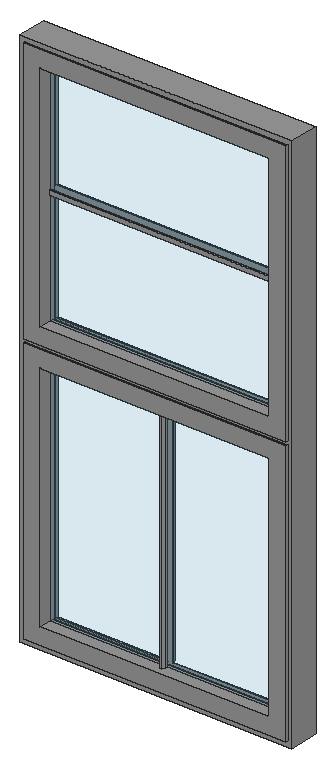
Revit family "Kawneer_Window_GT70s_Pos0081", category Windows, host Wall, Revit 2020 (continued)
Definition of nested family "Kawneer_GT70s_Pos008"
  Definition of nested family "Kawneer_GT70s_Trans8"
    Lines and regions (mm)
      model lines, in view "Ref. Level", detail levels fine
        curve 743: arc (-45.4, -56.6, 0) -> (-45.341, -56.741, 0) -> (-45.2, -56.8, 0) r 0.2
        curve 744: arc (-44.897, -54.429, 0) -> (-45.114, -53.72, 0) -> (-45.645, -53.201, 0) r 1.5
        curve 745: arc (-46.95, -51.87, 0) -> (-46.816, -52.37, 0) -> (-46.45, -52.736, 0) r 1
        curve 746: arc (-46.45, -25.864, 0) -> (-46.816, -26.23, 0) -> (-46.95, -26.73, 0) r 1
        curve 747: arc (-45.645, -25.399, 0) -> (-45.114, -24.88, 0) -> (-44.897, -24.171, 0) r 1.5
        curve 748: arc (-45.2, -21.8, 0) -> (-45.341, -21.859, 0) -> (-45.4, -22, 0) r 0.2
        curve 749: arc (-44.12, -22.25, 0) -> (-44.12, -21.95, 0) -> (-44.379, -21.8, 0) r 0.3
        curve 750: arc (-44.12, -22.25, 0) -> (-43.6, -23.15, 0) -> (-43.08, -22.25, 0) r 0.6
        curve 751: arc (-42.821, -21.8, 0) -> (-43.08, -21.95, 0) -> (-43.08, -22.25, 0) r 0.3
        curve 752: arc (-41.6, -21.9, 0) -> (-41.66, -21.813, 0) -> (-41.764, -21.803, 0) r 0.124
        curve 753: arc (-42.452, -24.026, 0) -> (-42.502, -24.144, 0) -> (-42.519, -24.271, 0) r 0.5
        curve 754: arc (-43.221, -26.665, 0) -> (-42.672, -25.773, 0) -> (-42.519, -24.737, 0) r 2.599
        curve 755: arc (-44.605, -28.315, 0) -> (-45.095, -29.143, 0) -> (-45.303, -30.083, 0) r 3.049
        curve 756: arc (-45.303, -30.083, 0) -> (-45.455, -33.587, 0) -> (-45.536, -37.094, 0) r 172.05
        curve 757: arc (-45.536, -37.094, 0) -> (-45.392, -37.451, 0) -> (-45.036, -37.6, 0) r 0.5
        curve 758: arc (-36.15, -38.2, 0) -> (-36.326, -37.776, 0) -> (-36.75, -37.6, 0) r 0.6
        curve 759: arc (-36.75, -38.8, 0) -> (-36.326, -38.624, 0) -> (-36.15, -38.2, 0) r 0.6
        curve 760: arc (-45.05, -38.8, 0) -> (-45.404, -38.946, 0) -> (-45.55, -39.3, 0) r 0.5
        curve 761: arc (-26.847, -46.799, 0) -> (-25.787, -46.359, 0) -> (-25.347, -45.299, 0) r 1.5
        curve 762: arc (-25.347, -38.899, 0) -> (-25.64, -38.192, 0) -> (-26.347, -37.899, 0) r 1
        curve 763: arc (-29.918, -37.899, 0) -> (-30.372, -38.008, 0) -> (-30.727, -38.311, 0) r 1
        curve 764: arc (-31.856, -39.866, 0) -> (-31.998, -40.145, 0) -> (-32.047, -40.454, 0) r 1
        curve 765: arc (-32.047, -45.299, 0) -> (-31.608, -46.359, 0) -> (-30.547, -46.799, 0) r 1.5
        curve 766: arc (-31.03, -36.906, 0) -> (-30.706, -37.123, 0) -> (-30.323, -37.199, 0) r 1
        curve 767: arc (-26.347, -37.199, 0) -> (-25.64, -36.906, 0) -> (-25.347, -36.199, 0) r 1
        curve 768: arc (-25.347, -29.799, 0) -> (-25.787, -28.738, 0) -> (-26.847, -28.299, 0) r 1.5
        curve 769: arc (-30.547, -28.299, 0) -> (-31.608, -28.738, 0) -> (-32.047, -29.799, 0) r 1.5
        curve 770: arc (-32.047, -35.474, 0) -> (-31.971, -35.857, 0) -> (-31.754, -36.182, 0) r 1
        curve 771: arc (-30.347, -47.799, 0) -> (-31.054, -48.092, 0) -> (-31.347, -48.799, 0) r 1
        curve 772: arc (-31.847, -52.736, 0) -> (-31.481, -52.37, 0) -> (-31.347, -51.87, 0) r 1
        curve 773: arc (-32.652, -53.201, 0) -> (-33.183, -53.72, 0) -> (-33.401, -54.429, 0) r 1.5
        curve 774: arc (-33.097, -56.8, 0) -> (-32.956, -56.741, 0) -> (-32.897, -56.6, 0) r 0.2
        curve 775: arc (-34.178, -56.35, 0) -> (-34.178, -56.65, 0) -> (-33.918, -56.8, 0) r 0.3
        curve 776: arc (-34.178, -56.35, 0) -> (-34.697, -55.448, 0) -> (-35.217, -56.35, 0) r 0.601
        curve 777: arc (-35.477, -56.8, 0) -> (-35.217, -56.65, 0) -> (-35.217, -56.35, 0) r 0.3
        curve 778: arc (-36.697, -56.6, 0) -> (-36.639, -56.741, 0) -> (-36.497, -56.8, 0) r 0.2
        curve 779: arc (-35.845, -54.574, 0) -> (-35.796, -54.456, 0) -> (-35.778, -54.33, 0) r 0.5
        curve 780: arc (-35.077, -51.936, 0) -> (-35.598, -52.838, 0) -> (-35.778, -53.863, 0) r 2.996
        curve 781: arc (-33.749, -50.353, 0) -> (-33.228, -49.451, 0) -> (-33.047, -48.425, 0) r 3
        curve 782: arc (-33.047, -41.499, 0) -> (-33.194, -41.145, 0) -> (-33.547, -40.999, 0) r 0.5
        curve 783: arc (-41.347, -39.799, 0) -> (-41.947, -40.399, 0) -> (-41.347, -40.999, 0) r 0.6
        curve 784: arc (-33.298, -39.799, 0) -> (-33.071, -39.744, 0) -> (-32.894, -39.593, 0) r 0.5
        curve 785: arc (-32.176, -38.605, 0) -> (-31.974, -37.65, 0) -> (-32.549, -36.86, 0) r 1.2
        curve 786: arc (-33.047, -35.993, 0) -> (-32.914, -36.493, 0) -> (-32.549, -36.86, 0) r 1
        curve 787: arc (-33.047, -30.173, 0) -> (-33.229, -29.148, 0) -> (-33.749, -28.247, 0) r 3
        curve 788: arc (-35.778, -24.737, 0) -> (-35.598, -25.762, 0) -> (-35.077, -26.664, 0) r 2.996
        curve 789: arc (-35.778, -24.27, 0) -> (-35.796, -24.144, 0) -> (-35.845, -24.026, 0) r 0.5
        curve 790: arc (-36.497, -21.8, 0) -> (-36.639, -21.859, 0) -> (-36.697, -22, 0) r 0.2
        curve 791: arc (-35.217, -22.25, 0) -> (-35.218, -21.948, 0) -> (-35.482, -21.8, 0) r 0.3
        curve 792: arc (-35.217, -22.25, 0) -> (-34.697, -23.173, 0) -> (-34.178, -22.25, 0) r 0.608
        curve 793: arc (-33.918, -21.8, 0) -> (-34.178, -21.95, 0) -> (-34.178, -22.25, 0) r 0.3
        curve 794: arc (-32.897, -22, 0) -> (-32.956, -21.859, 0) -> (-33.097, -21.8, 0) r 0.2
        curve 795: arc (-33.401, -24.171, 0) -> (-33.183, -24.88, 0) -> (-32.652, -25.399, 0) r 1.5
        curve 796: arc (-31.353, -26.626, 0) -> (-31.508, -26.186, 0) -> (-31.847, -25.864, 0) r 1
        curve 797: arc (-31.353, -26.626, 0) -> (-31.109, -27.106, 0) -> (-30.607, -27.299, 0) r 0.75
        curve 798: arc (-24.347, -28.799, 0) -> (-24.787, -27.738, 0) -> (-25.847, -27.299, 0) r 1.5
        curve 799: arc (-24.847, -47.799, 0) -> (-24.494, -47.652, 0) -> (-24.347, -47.299, 0) r 0.5
        curve 800: arc (-10.72, -47.702, 0) -> (-10.911, -47.74, 0) -> (-11.073, -47.848, 0) r 0.5
        curve 801: arc (-9.44, -48.302, 0) -> (-9.543, -47.886, 0) -> (-9.93, -47.702, 0) r 0.5
        curve 802: arc (-10.42, -49.102, 0) -> (-9.787, -48.877, 0) -> (-9.44, -48.302, 0) r 1
        curve 803: arc (-11.22, -48.602, 0) -> (-11.073, -48.956, 0) -> (-10.72, -49.102, 0) r 0.5
        curve 804: arc (-11.073, -47.848, 0) -> (-11.182, -48.011, 0) -> (-11.22, -48.202, 0) r 0.5
        curve 805: arc (-10.72, -49.764, 0) -> (-11.073, -49.911, 0) -> (-11.22, -50.264, 0) r 0.5
        curve 806: arc (-9.92, -50.264, 0) -> (-10.066, -49.911, 0) -> (-10.42, -49.764, 0) r 0.5
        curve 807: arc (-10.42, -51.164, 0) -> (-10.066, -51.018, 0) -> (-9.92, -50.664, 0) r 0.5
        curve 808: arc (-11.22, -50.664, 0) -> (-11.073, -51.018, 0) -> (-10.72, -51.164, 0) r 0.5
        curve 809: arc (-11.7, -46.438, 0) -> (-11.153, -47.121, 0) -> (-10.367, -46.737, 0) r 0.7
        curve 810: arc (-11.7, -45.279, 0) -> (-11.778, -45.12, 0) -> (-11.951, -45.085, 0) r 0.2
        curve 811: arc (-11.951, -45.085, 0) -> (-12.488, -45.326, 0) -> (-12.919, -45.727, 0) r 1.8
        curve 812: arc (-12.919, -45.727, 0) -> (-13.197, -46.246, 0) -> (-13.294, -46.826, 0) r 1.8
        curve 813: arc (-15.757, -50.168, 0) -> (-14.199, -49.78, 0) -> (-13.429, -48.371, 0) r 2
        curve 814: arc (-25.69, -48.295, 0) -> (-25.926, -48.317, 0) -> (-25.743, -48.466, 0) r 0.127
        curve 815: arc (-21.867, -49.048, 0) -> (-21.358, -48.839, 0) -> (-21.349, -48.288, 0) r 0.5
        curve 816: arc (-21.349, -48.288, 0) -> (-22.255, -47.441, 0) -> (-23.457, -47.133, 0) r 2.5
        curve 817: arc (-26.486, -47.133, 0) -> (-27.446, -47.855, 0) -> (-27.021, -48.978, 0) r 1
        curve 818: arc (-26.78, -49.145, 0) -> (-22.397, -51.727, 0) -> (-17.686, -53.647, 0) r 35
        curve 819: arc (-12.012, -55.49, 0) -> (-11.833, -55.462, 0) -> (-11.75, -55.3, 0) r 0.2
        curve 820: arc (-10.352, -52.387, 0) -> (-11.074, -51.733, 0) -> (-11.75, -52.433, 0) r 0.7
        curve 821: arc (-7.4, -51.718, 0) -> (-7.291, -51.608, 0) -> (-7.25, -51.458, 0) r 0.3
        curve 822: arc (-7.25, -50.238, 0) -> (-7.653, -49.835, 0) -> (-8.056, -50.238, 0) r 0.403
        curve 823: arc (-8.706, -50.444, 0) -> (-8.381, -50.769, 0) -> (-8.056, -50.444, 0) r 0.325
        curve 824: arc (-8.378, -49.261, 0) -> (-8.616, -49.444, 0) -> (-8.706, -49.731, 0) r 0.5
        curve 825: arc (-8.378, -49.261, 0) -> (-7.664, -48.712, 0) -> (-7.394, -47.853, 0) r 1.5
        curve 826: arc (-7.394, -47.62, 0) -> (-7.432, -47.473, 0) -> (-7.538, -47.364, 0) r 0.3
        curve 827: arc (-9.264, 5.418, 0) -> (-9.329, 5.548, 0) -> (-9.464, 5.601, 0) r 0.2
        curve 828: arc (-10.136, 5.601, 0) -> (-10.271, 5.548, 0) -> (-10.336, 5.418, 0) r 0.2
        curve 829: arc (-10.449, 4.118, 0) -> (-10.397, 3.966, 0) -> (-10.25, 3.901, 0) r 0.2
        curve 830: arc (-9.35, 3.901, 0) -> (-9.203, 3.965, 0) -> (-9.151, 4.118, 0) r 0.2
        curve 831: arc (-7.324, 0.801, 0) -> (-6.777, 1.016, 0) -> (-6.525, 1.547, 0) r 0.8
        curve 832: arc (-6.525, 1.547, 0) -> (-6.507, 2.183, 0) -> (-6.538, 2.818, 0) r 8.2
        curve 833: arc (-6.538, 2.818, 0) -> (-6.602, 2.948, 0) -> (-6.737, 3.001, 0) r 0.2
        curve 834: arc (-10.93, 3.001, 0) -> (-11.029, 2.92, 0) -> (-10.968, 2.808, 0) r 0.1
        curve 835: arc (-10.968, 2.808, 0) -> (-9.662, 2.548, 0) -> (-8.354, 2.797, 0) r 3.48
        curve 836: arc (-7.212, 1.718, 0) -> (-7.438, 2.623, 0) -> (-8.354, 2.797, 0) r 0.866
        curve 837: arc (-7.888, 0.984, 0) -> (-7.472, 1.279, 0) -> (-7.212, 1.718, 0) r 1.222
        curve 838: arc (-11.16, 1.597, 0) -> (-11.642, 1.905, 0) -> (-11.951, 1.423, 0) r 0.405
        curve 839: arc (-11.16, 1.597, 0) -> (-10.842, 1.058, 0) -> (-10.268, 0.809, 0) r 1.009
        curve 840: arc (-10.268, 0.809, 0) -> (-10.004, 0.8, 0) -> (-9.74, 0.822, 0) r 2.275
        curve 841: arc (-9.74, 0.822, 0) -> (-9.481, 0.873, 0) -> (-9.23, 0.955, 0) r 2.275
        curve 842: arc (-9.23, 0.955, 0) -> (-8.541, 1.326, 0) -> (-7.962, 1.851, 0) r 3.222
        curve 843: arc (-7.962, 1.851, 0) -> (-7.954, 2.011, 0) -> (-8.107, 2.057, 0) r 0.13
        curve 844: arc (-13.093, 3.524, 0) -> (-10.85, 1.942, 0) -> (-8.107, 2.057, 0) r 4.258
        curve 845: arc (-12.85, 4.001, 0) -> (-13.117, 3.837, 0) -> (-13.093, 3.524, 0) r 0.3
        curve 846: arc (-11.45, 4.001, 0) -> (-11.309, 4.059, 0) -> (-11.25, 4.201, 0) r 0.2
        curve 847: arc (-11.75, 5.747, 0) -> (-11.847, 5.54, 0) -> (-11.685, 5.377, 0) r 0.2
        curve 848: arc (-7.915, 5.377, 0) -> (-7.753, 5.54, 0) -> (-7.85, 5.747, 0) r 0.2
        curve 849: arc (-8.35, 4.201, 0) -> (-8.291, 4.059, 0) -> (-8.15, 4.001, 0) r 0.2
        curve 850: arc (-5.855, 3.754, 0) -> (-5.958, 3.931, 0) -> (-6.15, 4.001, 0) r 0.3
        curve 851: arc (-5.728, 1.486, 0) -> (-5.721, 2.624, 0) -> (-5.855, 3.754, 0) r 9.161
        curve 852: arc (-7.324, -0.005, 0) -> (-6.232, 0.426, 0) -> (-5.728, 1.486, 0) r 1.6
        curve 853: arc (-11.951, 1.423, 0) -> (-11.321, 0.402, 0) -> (-10.194, -0.005, 0) r 1.819
        curve 854: arc (-22.35, -68.117, 0) -> (-22.402, -67.965, 0) -> (-22.55, -67.9, 0) r 0.2
        curve 855: arc (-23.35, -67.9, 0) -> (-23.497, -67.965, 0) -> (-23.549, -68.117, 0) r 0.2
        curve 856: arc (-23.435, -69.417, 0) -> (-23.371, -69.547, 0) -> (-23.236, -69.6, 0) r 0.2
        curve 857: arc (-24.466, -69.131, 0) -> (-24.789, -69.47, 0) -> (-24.636, -69.913, 0) r 0.45
        curve 858: arc (-24.35, -68.3, 0) -> (-24.438, -68.088, 0) -> (-24.65, -68, 0) r 0.3
        curve 859: arc (-27.049, -68, 0) -> (-27.269, -68.097, 0) -> (-27.348, -68.324, 0) r 0.3
        curve 860: arc (-28.729, -71.09, 0) -> (-28.176, -71.752, 0) -> (-27.35, -72, 0) r 1.5
        curve 861: arc (-28.729, -71.09, 0) -> (-29.517, -70.008, 0) -> (-30.697, -69.376, 0) r 3
        curve 862: arc (-34.403, -67.337, 0) -> (-34.941, -67.746, 0) -> (-34.58, -68.317, 0) r 0.5
        curve 863: arc (-29.385, -67.798, 0) -> (-29.022, -67.686, 0) -> (-28.842, -67.35, 0) r 0.5
        curve 864: arc (-27.35, -66, 0) -> (-28.356, -66.388, 0) -> (-28.842, -67.35, 0) r 1.5
        curve 865: arc (-18.85, -67.5, 0) -> (-19.289, -66.439, 0) -> (-20.35, -66, 0) r 1.5
        curve 866: arc (-21.25, -68, 0) -> (-21.462, -68.088, 0) -> (-21.55, -68.3, 0) r 0.3
        curve 867: arc (-18.371, -28.757, 0) -> (-18.399, -29.046, 0) -> (-18.262, -29.302, 0) r 0.5
        curve 868: arc (-13.957, -33.607, 0) -> (-13.412, -33.715, 0) -> (-13.103, -33.254, 0) r 0.5
        curve 869: arc (-13.103, -28.948, 0) -> (-13.25, -28.595, 0) -> (-13.603, -28.448, 0) r 0.5
        curve 870: arc (-17.909, -28.448, 0) -> (-18.187, -28.532, 0) -> (-18.371, -28.757, 0) r 0.5
        curve 871: arc (-13.103, -39.289, 0) -> (-13.25, -38.936, 0) -> (-13.603, -38.789, 0) r 0.5
        curve 872: arc (-17.909, -38.789, 0) -> (-18.262, -38.936, 0) -> (-18.409, -39.289, 0) r 0.5
        curve 873: arc (-18.409, -40.954, 0) -> (-18.262, -41.308, 0) -> (-17.909, -41.454, 0) r 0.5
        curve 874: arc (-13.603, -41.454, 0) -> (-13.25, -41.308, 0) -> (-13.103, -40.954, 0) r 0.5
        curve 875: arc (-18.262, -37.143, 0) -> (-18.1, -37.251, 0) -> (-17.909, -37.289, 0) r 0.5
        curve 876: arc (-13.603, -37.289, 0) -> (-13.141, -36.98, 0) -> (-13.25, -36.436, 0) r 0.5
        curve 877: arc (-17.555, -32.13, 0) -> (-18.1, -32.022, 0) -> (-18.409, -32.484, 0) r 0.5
        curve 878: arc (-18.409, -36.789, 0) -> (-18.371, -36.98, 0) -> (-18.262, -37.143, 0) r 0.5
        curve 879: arc (-19.909, -35.67, 0) -> (-20.159, -35.374, 0) -> (-20.492, -35.571, 0) r 0.3
        curve 880: arc (-20.635, -35.7, 0) -> (-20.547, -35.654, 0) -> (-20.492, -35.571, 0) r 0.2
        curve 881: arc (-22.218, -35.462, 0) -> (-22.395, -35.831, 0) -> (-22.04, -36.033, 0) r 0.3
        curve 882: arc (-20.036, -34.614, 0) -> (-19.948, -34.547, 0) -> (-19.909, -34.443, 0) r 0.2
        curve 883: arc (-19.909, -29.15, 0) -> (-20.168, -28.873, 0) -> (-20.492, -29.071, 0) r 0.3
        curve 884: arc (-20.635, -29.2, 0) -> (-20.547, -29.154, 0) -> (-20.492, -29.071, 0) r 0.2
        curve 885: arc (-22.218, -28.962, 0) -> (-22.395, -29.331, 0) -> (-22.04, -29.533, 0) r 0.3
        curve 886: arc (-20.036, -28.114, 0) -> (-19.944, -28.041, 0) -> (-19.909, -27.93, 0) r 0.2
        curve 887: arc (-18.906, -26.941, 0) -> (-19.611, -27.229, 0) -> (-19.909, -27.93, 0) r 1
        curve 888: arc (-12.706, -26.957, 0) -> (-12.322, -26.881, 0) -> (-11.997, -26.665, 0) r 1
        curve 889: arc (-11.997, -26.665, 0) -> (-11.776, -26.331, 0) -> (-11.704, -25.938, 0) r 1
        curve 890: arc (-11.203, -19.551, 0) -> (-11.557, -19.698, 0) -> (-11.703, -20.051, 0) r 0.5
        curve 891: arc (-10.703, -19.551, 0) -> (-10.491, -19.463, 0) -> (-10.403, -19.251, 0) r 0.3
        curve 892: arc (-9.903, -17.551, 0) -> (-10.257, -17.698, 0) -> (-10.403, -18.051, 0) r 0.5
        curve 893: arc (-8.657, -17.805, 0) -> (-8.84, -17.619, 0) -> (-9.092, -17.551, 0) r 0.5
        curve 894: arc (-7.103, -20.676, 0) -> (-7.12, -20.549, 0) -> (-7.168, -20.43, 0) r 0.5
        curve 895: arc (-7.603, -22.541, 0) -> (-7.25, -22.395, 0) -> (-7.103, -22.041, 0) r 0.5
        curve 896: arc (-8.103, -22.541, 0) -> (-8.457, -22.688, 0) -> (-8.603, -23.041, 0) r 0.5
        curve 897: arc (-8.603, -25.546, 0) -> (-8.457, -25.899, 0) -> (-8.103, -26.046, 0) r 0.5
        curve 898: arc (-7.104, -26.571, 0) -> (-7.252, -26.19, 0) -> (-7.635, -26.047, 0) r 0.5
        curve 899: arc (-7.457, -28.155, 0) -> (-7.201, -27.974, 0) -> (-7.103, -27.677, 0) r 0.5
        curve 900: arc (-10.188, -28.99, 0) -> (-11.211, -29.713, 0) -> (-11.603, -30.902, 0) r 2
        curve 901: arc (-11.603, -33.396, 0) -> (-11.326, -34.088, 0) -> (-10.647, -34.395, 0) r 1
        curve 902: arc (-7.103, -35.029, 0) -> (-7.242, -34.683, 0) -> (-7.582, -34.529, 0) r 0.5
        curve 903: arc (-7.582, -36.571, 0) -> (-7.242, -36.417, 0) -> (-7.103, -36.071, 0) r 0.5
        curve 904: arc (-10.647, -36.705, 0) -> (-11.326, -37.012, 0) -> (-11.603, -37.704, 0) r 1
        curve 905: arc (-11.603, -40.551, 0) -> (-11.31, -41.258, 0) -> (-10.603, -41.551, 0) r 1
        curve 906: arc (-7.811, -42.415, 0) -> (-7.689, -41.867, 0) -> (-8.153, -41.551, 0) r 0.5
        curve 907: arc (-10.336, -43.781, 0) -> (-9.99, -44.132, 0) -> (-9.511, -44.015, 0) r 0.5
        curve 908: arc (-10.499, -43.174, 0) -> (-10.606, -43.013, 0) -> (-10.789, -42.951, 0) r 0.3
        curve 909: arc (-17.909, -42.951, 0) -> (-18.262, -43.098, 0) -> (-18.409, -43.451, 0) r 0.5
        curve 910: arc (-19.909, -44.201, 0) -> (-19.159, -44.951, 0) -> (-18.409, -44.201, 0) r 0.75
        curve 911: arc (-19.909, -42.17, 0) -> (-19.98, -41.977, 0) -> (-20.159, -41.874, 0) r 0.3
        curve 912: arc (-20.159, -41.874, 0) -> (-20.361, -41.912, 0) -> (-20.492, -42.071, 0) r 0.3
        curve 913: arc (-20.635, -42.2, 0) -> (-20.547, -42.154, 0) -> (-20.492, -42.071, 0) r 0.2
        curve 914: arc (-22.218, -41.962, 0) -> (-22.395, -42.331, 0) -> (-22.04, -42.533, 0) r 0.3
        curve 915: arc (-20.036, -41.114, 0) -> (-19.944, -41.04, 0) -> (-19.909, -40.927, 0) r 0.2
        curve 916: arc (-58.95, -46.113, 0) -> (-51.515, -48.041, 0) -> (-46.9, -41.9, 0) r 6.903
        curve 917: arc (-46.9, -31.99, 0) -> (-53.045, -29.906, 0) -> (-58.95, -32.595, 0) r 8.809
        curve 918: arc (-66.5, 8, 0) -> (-66.854, 7.854, 0) -> (-67, 7.5, 0) r 0.5
        curve 919: arc (-67, -31.4, 0) -> (-66.854, -31.754, 0) -> (-66.5, -31.9, 0) r 0.5
        curve 920: arc (-65.2, -31.9, 0) -> (-64.846, -31.754, 0) -> (-64.7, -31.4, 0) r 0.5
        curve 921: arc (-64.7, -30.9, 0) -> (-64.846, -30.546, 0) -> (-65.2, -30.4, 0) r 0.5
        curve 922: arc (-65.8, -29.9, 0) -> (-65.654, -30.254, 0) -> (-65.3, -30.4, 0) r 0.5
        curve 923: arc (-65.3, -6.2, 0) -> (-65.654, -6.346, 0) -> (-65.8, -6.7, 0) r 0.5
        curve 924: arc (-49.709, -6.541, 0) -> (-49.665, -6.323, 0) -> (-49.85, -6.2, 0) r 0.2
        curve 925: arc (-50.45, -7.6, 0) -> (-50.391, -7.741, 0) -> (-50.25, -7.8, 0) r 0.2
        curve 926: arc (-49.784, -7.8, 0) -> (-49.655, -7.783, 0) -> (-49.534, -7.733, 0) r 0.5
        curve 927: arc (-47.903, -6.792, 0) -> (-47.481, -5.772, 0) -> (-48.356, -5.1, 0) r 0.906
        curve 928: arc (-65.744, -4.082, 0) -> (-65.458, -4.801, 0) -> (-64.744, -5.1, 0) r 1
        curve 929: arc (-64.078, 6.5, 0) -> (-65.11, 6.089, 0) -> (-65.576, 5.08, 0) r 1.5
        curve 930: arc (-55.5, 6.25, 0) -> (-55.683, 6.433, 0) -> (-55.933, 6.5, 0) r 0.5
        curve 931: arc (-53.97, 3.6, 0) -> (-53.238, 2.868, 0) -> (-52.238, 2.6, 0) r 2
        curve 932: arc (-49.559, 2.6, 0) -> (-49.097, 2.909, 0) -> (-49.205, 3.454, 0) r 0.5
        curve 933: arc (-49.764, 4.012, 0) -> (-49.976, 4.1, 0) -> (-50.188, 4.012, 0) r 0.3
        curve 934: arc (-50.566, 3.8, 0) -> (-50.413, 3.83, 0) -> (-50.283, 3.917, 0) r 0.4
        curve 935: arc (-52.989, 4.3, 0) -> (-52.623, 3.934, 0) -> (-52.123, 3.8, 0) r 1
        curve 936: arc (-53.566, 6.8, 0) -> (-53.999, 6.55, 0) -> (-53.999, 6.05, 0) r 0.5
        curve 937: arc (-52.4, 6.8, 0) -> (-52.259, 6.859, 0) -> (-52.2, 7, 0) r 0.2
        curve 938: arc (-52.2, 7.5, 0) -> (-52.346, 7.854, 0) -> (-52.7, 8, 0) r 0.5
        curve 939: arc (-64.594, -69.1, 0) -> (-64.441, -69.029, 0) -> (-64.397, -68.865, 0) r 0.2
        curve 940: arc (-64.75, -69.1, 0) -> (-64.928, -69.208, 0) -> (-64.914, -69.415, 0) r 0.2
        curve 941: arc (-64.494, -70.015, 0) -> (-64.422, -70.077, 0) -> (-64.33, -70.1, 0) r 0.2
        curve 942: arc (-63.765, -70.1, 0) -> (-63.665, -70.073, 0) -> (-63.592, -70, 0) r 0.2
        curve 943: arc (-62.827, -69.274, 0) -> (-63, -69.174, 0) -> (-63.173, -69.274, 0) r 0.2
        curve 944: arc (-62.408, -70, 0) -> (-62.335, -70.073, 0) -> (-62.235, -70.1, 0) r 0.2
        curve 945: arc (-61.67, -70.1, 0) -> (-61.578, -70.077, 0) -> (-61.506, -70.015, 0) r 0.2
        curve 946: arc (-61.086, -69.415, 0) -> (-61.073, -69.207, 0) -> (-61.25, -69.1, 0) r 0.2
        curve 947: arc (-61.603, -68.865, 0) -> (-61.559, -69.029, 0) -> (-61.406, -69.1, 0) r 0.2
        curve 948: arc (-59.41, -68, 0) -> (-59.275, -67.947, 0) -> (-59.211, -67.817, 0) r 0.2
        curve 949: arc (-58.835, -65.217, 0) -> (-58.886, -65.065, 0) -> (-59.034, -65, 0) r 0.2
        curve 950: arc (-60.747, -65, 0) -> (-60.868, -65.041, 0) -> (-60.94, -65.148, 0) r 0.2
        curve 951: arc (-61.295, -65.9, 0) -> (-61.173, -65.859, 0) -> (-61.101, -65.752, 0) r 0.2
        curve 952: arc (-64.899, -65.752, 0) -> (-64.827, -65.858, 0) -> (-64.706, -65.9, 0) r 0.2
        curve 953: arc (-65.06, -65.148, 0) -> (-65.132, -65.041, 0) -> (-65.253, -65, 0) r 0.2
        curve 954: arc (-66.966, -65, 0) -> (-67.114, -65.065, 0) -> (-67.165, -65.217, 0) r 0.2
        curve 955: arc (-66.789, -67.817, 0) -> (-66.725, -67.947, 0) -> (-66.59, -68, 0) r 0.2
        curve 956: line (4.53, -36.001, 0) -> (-3.736, -36.001, 0)
        curve 957: line (-3.736, -34.201, 0) -> (4.53, -34.201, 0)
        curve 958: line (-4.516, -38.203, 0) -> (3.75, -38.203, 0)
        curve 959: line (3.75, -36.403, 0) -> (-4.516, -36.403, 0)
        curve 960: line (44.415, -37.3, 0) -> (36.749, -37.3, 0)
        curve 961: line (36.749, -39.1, 0) -> (44.415, -39.1, 0)
        curve 962: line (33.476, -41.299, 0) -> (41.347, -41.299, 0)
        curve 963: line (41.347, -39.499, 0) -> (33.476, -39.499, 0)
        curve 964: line (47.45, -51.046, 0) -> (51.45, -51.046, 0)
        curve 965: line (51.45, -51.046, 0) -> (55.45, -51.046, 0)
        curve 966: line (55.45, -51.046, 0) -> (55.45, -49.046, 0)
        curve 967: line (55.45, -49.046, 0) -> (51.45, -49.046, 0)
        curve 968: line (51.45, -49.046, 0) -> (47.45, -49.046, 0)
        curve 969: line (46.95, -67.546, 0) -> (55.45, -67.546, 0)
        curve 970: line (55.45, -67.546, 0) -> (55.45, -62.546, 0)
        curve 971: line (55.45, -62.546, 0) -> (51.45, -62.546, 0)
        curve 972: line (51.45, -62.546, 0) -> (47.45, -62.546, 0)
        curve 973: line (46.95, -63.046, 0) -> (46.95, -69.6, 0)
        curve 974: line (46.95, -69.6, 0) -> (50.95, -69.6, 0)
        curve 975: line (50.95, -69.6, 0) -> (50.95, -67.546, 0)
        curve 976: line (51.95, -51.546, 0) -> (51.95, -62.046, 0)
        curve 977: line (46.95, -49.546, 0) -> (46.95, -50.546, 0)
        curve 978: line (54.45, -62.546, 0) -> (54.45, -51.046, 0)
        curve 979: line (54.45, -49.046, 0) -> (54.45, -14.046, 0)
        curve 980: line (51.95, -48.546, 0) -> (51.95, -14.546, 0)
        curve 981: line (49.95, -12.046, 0) -> (55.45, -12.046, 0)
        curve 982: line (55.45, -12.046, 0) -> (55.45, -14.046, 0)
        curve 983: line (55.45, -14.046, 0) -> (51.45, -14.046, 0)
        curve 984: line (51.45, -14.046, 0) -> (47.45, -14.046, 0)
        curve 985: line (49.45, -10.046, 0) -> (49.45, -11.546, 0)
        curve 986: line (46.95, -13.546, 0) -> (46.95, -10.046, 0)
        curve 987: line (47.45, -9.546, 0) -> (48.95, -9.546, 0)
        curve 988: line (55.45, -66.546, 0) -> (57.95, -66.546, 0)
        curve 989: line (57.95, -66.546, 0) -> (54.45, -15.046, 0)
        curve 990: line (54.45, -15.046, 0) -> (57.95, -15.046, 0)
        curve 991: line (57.95, -66.546, 0) -> (57.95, -15.046, 0)
        curve 992: line (57.95, -15.046, 0) -> (55.131, -62.546, 0)
        curve 993: line (64.861, -35.939, 0) -> (64.658, -35.658, 0)
        curve 994: line (62.391, -35.567, 0) -> (61.751, -36.314, 0)
        curve 995: line (61.751, -36.314, 0) -> (59.986, -34.661, 0)
        curve 996: line (60.288, -37.005, 0) -> (58.5, -37.005, 0)
        curve 997: line (68.083, -35.212, 0) -> (66.332, -36.947, 0)
        curve 998: line (66.332, -36.947, 0) -> (61.758, -32.12, 0)
        curve 999: line (61.758, -32.12, 0) -> (63.663, -31.366, 0)
        curve 1000: line (63.918, -31.492, 0) -> (63.973, -31.825, 0)
        curve 1001: line (64.17, -32.005, 0) -> (66.332, -32.005, 0)
        curve 1002: line (67.127, -31.048, 0) -> (67, -29.677, 0)
        curve 1003: line (67.027, -35.212, 0) -> (68.785, -35.212, 0)
        curve 1004: line (70.375, -37.005, 0) -> (66.846, -37.005, 0)
        curve 1005: line (-44.415, -37.3, 0) -> (-36.749, -37.3, 0)
        curve 1006: line (-36.749, -39.1, 0) -> (-44.415, -39.1, 0)
        curve 1007: line (-33.476, -41.299, 0) -> (-41.347, -41.299, 0)
        curve 1008: line (-41.347, -39.499, 0) -> (-33.476, -39.499, 0)
        curve 1009: line (-64.861, -35.939, 0) -> (-64.658, -35.658, 0)
        curve 1010: line (-62.391, -35.567, 0) -> (-61.751, -36.314, 0)
        curve 1011: line (-61.751, -36.314, 0) -> (-59.986, -34.661, 0)
        curve 1012: line (-60.288, -37.005, 0) -> (-58.5, -37.005, 0)
        curve 1013: line (-68.083, -35.212, 0) -> (-66.332, -36.947, 0)
        curve 1014: line (-66.332, -36.947, 0) -> (-61.758, -32.12, 0)
        curve 1015: line (-61.758, -32.12, 0) -> (-63.663, -31.366, 0)
        curve 1016: line (-63.918, -31.492, 0) -> (-63.973, -31.825, 0)
        curve 1017: line (-64.17, -32.005, 0) -> (-66.332, -32.005, 0)
        curve 1018: line (-67.127, -31.048, 0) -> (-67, -29.677, 0)
        curve 1019: line (-67.027, -35.212, 0) -> (-68.785, -35.212, 0)
        curve 1020: line (-70.375, -37.005, 0) -> (-66.846, -37.005, 0)
        curve 1021: line (7.05, -44.501, 0) -> (7.05, -23.631, 0)
        curve 1022: line (6.55, -22.765, 0) -> (5.745, -22.3, 0)
        curve 1023: line (5.879, -18.977, 0) -> (5.019, -20.943, 0)
        curve 1024: line (5.019, -20.943, 0) -> (5.5, -19.782, 0)
        curve 1025: line (5.5, -19.782, 0) -> (5.5, -18.901, 0)
        curve 1026: line (5.3, -18.701, 0) -> (4.479, -18.701, 0)
        curve 1027: line (2.921, -18.701, 0) -> (1.9, -18.701, 0)
        curve 1028: line (1.9, -18.701, 0) -> (5.671, -18.701, 0)
        curve 1029: line (1.7, -18.901, 0) -> (1.7, -19.451, 0)
        curve 1030: line (1.7, -19.451, 0) -> (2.552, -20.927, 0)
        curve 1031: line (2.552, -20.928, 0) -> (1.694, -19.44, 0)
        curve 1032: line (1.694, -19.44, 0) -> (1.694, -18.9, 0)
        curve 1033: line (2.133, -21.2, 0) -> (2.619, -21.177, 0)
        curve 1034: line (2.619, -21.177, 0) -> (2.619, -21.635, 0)
        curve 1035: line (3.32, -23.566, 0) -> (4.705, -25.216, 0)
        curve 1036: line (5.136, -34.501, 0) -> (-3.75, -34.501, 0)
        curve 1037: line (-3.75, -35.701, 0) -> (5.15, -35.701, 0)
        curve 1038: line (4.705, -47.186, 0) -> (3.321, -48.836, 0)
        curve 1039: line (2.619, -50.764, 0) -> (2.619, -51.223, 0)
        curve 1040: line (2.552, -51.475, 0) -> (1.7, -52.951, 0)
        curve 1041: line (1.7, -52.951, 0) -> (1.7, -53.501, 0)
        curve 1042: line (1.7, -53.501, 0) -> (1.6, -52.961, 0)
        curve 1043: line (1.6, -52.961, 0) -> (2.385, -51.601, 0)
        curve 1044: line (4.479, -53.701, 0) -> (5.3, -53.701, 0)
        curve 1045: line (5.3, -53.701, 0) -> (1.8, -53.701, 0)
        curve 1046: line (1.8, -53.701, 0) -> (2.921, -53.701, 0)
        curve 1047: line (4.973, -51.943, 0) -> (5.5, -53.501, 0)
        curve 1048: line (5.5, -53.501, 0) -> (5.5, -52.621, 0)
        curve 1049: line (5.5, -52.621, 0) -> (5.019, -51.459, 0)
        curve 1050: line (5.745, -50.102, 0) -> (6.55, -49.637, 0)
        curve 1051: line (7.05, -48.771, 0) -> (7.05, -46.701, 0)
        curve 1052: line (7.55, -46.201, 0) -> (10.25, -46.201, 0)
        curve 1053: line (10.55, -46.501, 0) -> (10.55, -47.101, 0)
        curve 1054: line (11.55, -47.101, 0) -> (11.55, -44.101, 0)
        curve 1055: line (10.55, -44.101, 0) -> (10.55, -44.701, 0)
        curve 1056: line (10.25, -45.001, 0) -> (7.55, -45.001, 0)
        curve 1057: line (-4.698, -47.202, 0) -> (-3.302, -48.866, 0)
        curve 1058: line (-4.479, -53.703, 0) -> (-5.3, -53.703, 0)
        curve 1059: line (-5.3, -53.703, 0) -> (-1.9, -53.703, 0)
        curve 1060: line (-1.9, -53.703, 0) -> (-2.921, -53.703, 0)
        curve 1061: line (-4.973, -51.943, 0) -> (-5.5, -53.503, 0)
        curve 1062: line (-5.5, -53.503, 0) -> (-5.5, -52.61, 0)
        curve 1063: line (-5.5, -52.61, 0) -> (-5.022, -51.457, 0)
        curve 1064: line (-5.75, -50.104, 0) -> (-6.55, -49.642, 0)
        curve 1065: line (-7.05, -48.776, 0) -> (-7.05, -46.703, 0)
        curve 1066: line (-7.55, -46.203, 0) -> (-10.25, -46.203, 0)
        curve 1067: line (-10.55, -46.503, 0) -> (-10.55, -47.103, 0)
        curve 1068: line (-11.55, -47.103, 0) -> (-11.55, -44.102, 0)
        curve 1069: line (-10.55, -44.102, 0) -> (-10.55, -44.703, 0)
        curve 1070: line (-10.25, -45.003, 0) -> (-7.55, -45.003, 0)
        curve 1071: line (-7.05, -44.503, 0) -> (-7.05, -23.63, 0)
        curve 1072: line (-6.55, -22.764, 0) -> (-5.75, -22.302, 0)
        curve 1073: line (-5.024, -20.944, 0) -> (-5.5, -19.796, 0)
        curve 1074: line (-5.5, -19.796, 0) -> (-5.5, -18.903, 0)
        curve 1075: line (-5.3, -18.703, 0) -> (-4.479, -18.703, 0)
        curve 1076: line (-2.921, -18.703, 0) -> (-1.9, -18.703, 0)
        curve 1077: line (-1.7, -18.903, 0) -> (-1.7, -19.453, 0)
        curve 1078: line (-1.7, -19.453, 0) -> (-2.56, -20.942, 0)
        curve 1079: line (-2.56, -20.942, 0) -> (-2.6, -21.611, 0)
        curve 1080: line (-3.302, -23.539, 0) -> (-4.698, -25.203, 0)
        curve 1081: line (-5.15, -36.703, 0) -> (3.75, -36.703, 0)
        curve 1082: line (3.75, -37.903, 0) -> (-5.136, -37.903, 0)
        curve 1083: line (8.694, 22.8, 0) -> (8.694, 1.597, 0)
        curve 1084: line (8.494, 1.397, 0) -> (0.094, 1.397, 0)
        curve 1085: line (0.094, 1.397, 0) -> (-8.306, 1.397, 0)
        curve 1086: line (-8.506, 1.597, 0) -> (-8.506, 22.8, 0)
        curve 1087: line (-8.306, 23, 0) -> (0.094, 23, 0)
        curve 1088: line (0.094, 23, 0) -> (8.494, 23, 0)
        curve 1089: line (3.994, -2.003, 0) -> (5.094, -2.003, 0)
        curve 1090: line (5.294, -2.203, 0) -> (5.294, -3.213, 0)
        curve 1091: line (5.694, -3.613, 0) -> (5.694, -15.4, 0)
        curve 1092: line (5.294, -15.8, 0) -> (5.294, -16.7, 0)
        curve 1093: line (5.094, -16.9, 0) -> (4.394, -16.9, 0)
        curve 1094: line (4.048, -17.1, 0) -> (0.094, -17.1, 0)
        curve 1095: line (0.094, -17.1, 0) -> (-3.859, -17.1, 0)
        curve 1096: line (-4.206, -16.9, 0) -> (-4.906, -16.9, 0)
        curve 1097: line (-5.106, -16.7, 0) -> (-5.106, -15.8, 0)
        curve 1098: line (-5.506, -15.4, 0) -> (-5.506, -3.613, 0)
        curve 1099: line (-5.106, -3.213, 0) -> (-5.106, -2.203, 0)
        curve 1100: line (-4.906, -2.003, 0) -> (-3.806, -2.003, 0)
        curve 1101: line (-3.406, -1.603, 0) -> (0.094, -1.603, 0)
        curve 1102: line (0.094, -1.603, 0) -> (3.594, -1.603, 0)
        curve 1103: line (12.094, -2.542, 0) -> (12.094, 29.5, 0)
        curve 1104: line (11.594, 30, 0) -> (0.094, 30, 0)
        curve 1105: line (0.094, 30, 0) -> (-11.406, 30, 0)
        curve 1106: line (-11.906, 29.5, 0) -> (-11.906, -2.542, 0)
        curve 1107: line (-10.406, -4.2, 0) -> (-10.406, -2.5, 0)
        curve 1108: line (-9.906, -2, 0) -> (-7.406, -2, 0)
        curve 1109: line (-6.906, -2.5, 0) -> (-6.906, -16, 0)
        curve 1110: line (-7.406, -16.5, 0) -> (-9.906, -16.5, 0)
        curve 1111: line (-10.406, -16, 0) -> (-10.406, -14.6, 0)
        curve 1112: line (-11.706, -16.159, 0) -> (-11.706, -18.8, 0)
        curve 1113: line (-10.406, -19.6, 0) -> (-10.406, -18.4, 0)
        curve 1114: line (-10.406, -18.4, 0) -> (-7.103, -21.794, 0)
        curve 1115: line (-10.206, -18.2, 0) -> (-7.635, -18.2, 0)
        curve 1116: line (-6.906, -18.9, 0) -> (-6.906, -21.773, 0)
        curve 1117: line (-6.456, -22.034, 0) -> (-4.672, -21.367, 0)
        curve 1118: line (-4.849, -21.009, 0) -> (-5.691, -18.977, 0)
        curve 1119: line (-5.506, -18.7, 0) -> (-1.706, -18.7, 0)
        curve 1120: line (-1.506, -18.9, 0) -> (-1.506, -19.44, 0)
        curve 1121: line (-1.506, -19.44, 0) -> (-2.292, -20.802, 0)
        curve 1122: line (-2.322, -21.2, 0) -> (-1.945, -21.2, 0)
        curve 1123: line (4.861, -21.367, 0) -> (6.644, -22.034, 0)
        curve 1124: line (10.403, -18.494, 0) -> (7.094, -21.773, 0)
        curve 1125: line (7.094, -21.773, 0) -> (7.094, -18.9, 0)
        curve 1126: line (7.824, -18.2, 0) -> (10.403, -18.2, 0)
        curve 1127: line (10.403, -18.208, 0) -> (9.681, -17.551, 0)
        curve 1128: line (10.594, -18.4, 0) -> (10.594, -19.6, 0)
        curve 1129: line (10.594, -19.6, 0) -> (11.203, -19.551, 0)
        curve 1130: line (11.894, -18.8, 0) -> (11.894, -16.159, 0)
        curve 1131: line (10.594, -14.6, 0) -> (10.594, -16, 0)
        curve 1132: line (10.094, -16.5, 0) -> (7.594, -16.5, 0)
        curve 1133: line (7.094, -16, 0) -> (7.094, -2.5, 0)
        curve 1134: line (7.594, -2, 0) -> (10.094, -2, 0)
        curve 1135: line (10.594, -2.5, 0) -> (10.594, -4.2, 0)
        curve 1136: line (3.9, -55.701, 0) -> (5, -55.701, 0)
        curve 1137: line (5.2, -55.901, 0) -> (5.2, -57.001, 0)
        curve 1138: line (5.6, -57.401, 0) -> (5.6, -68.701, 0)
        curve 1139: line (5.2, -69.101, 0) -> (5.2, -70.201, 0)
        curve 1140: line (5, -70.401, 0) -> (3.9, -70.401, 0)
        curve 1141: line (3.5, -70.801, 0) -> (0, -70.801, 0)
        curve 1142: line (0, -70.801, 0) -> (-3.5, -70.801, 0)
        curve 1143: line (-3.9, -70.401, 0) -> (-5, -70.401, 0)
        curve 1144: line (-5.2, -70.201, 0) -> (-5.2, -69.201, 0)
        curve 1145: line (-5.6, -68.801, 0) -> (-5.6, -57.301, 0)
        curve 1146: line (-5.2, -56.901, 0) -> (-5.2, -55.901, 0)
        curve 1147: line (-5, -55.701, 0) -> (-3.9, -55.701, 0)
        curve 1148: line (-3.5, -55.301, 0) -> (0, -55.301, 0)
        curve 1149: line (0, -55.301, 0) -> (3.5, -55.301, 0)
        curve 1150: line (-14.214, -78.201, 0) -> (-24.5, -78.201, 0)
        curve 1151: line (-25, -77.701, 0) -> (-25, -73.801, 0)
        curve 1152: line (-24.5, -73.301, 0) -> (24.5, -73.301, 0)
        curve 1153: line (25, -73.801, 0) -> (25, -77.701, 0)
        curve 1154: line (24.5, -78.201, 0) -> (14.214, -78.201, 0)
        curve 1155: line (13.318, -78.758, 0) -> (13.001, -79.398, 0)
        curve 1156: line (13.001, -79.398, 0) -> (3.835, -97.923, 0)
        curve 1157: line (3.386, -98.201, 0) -> (0, -98.201, 0)
        curve 1158: line (0, -98.201, 0) -> (-3.386, -98.201, 0)
        curve 1159: line (-3.835, -97.923, 0) -> (-13.001, -79.398, 0)
        curve 1160: line (-13.001, -79.398, 0) -> (-13.318, -78.758, 0)
        curve 1161: line (15.275, -80.201, 0) -> (25.5, -80.201, 0)
        curve 1162: line (27, -78.701, 0) -> (27, -69.201, 0)
        curve 1163: line (27, -69.201, 0) -> (27, -68.701, 0)
        curve 1164: line (26.5, -68.201, 0) -> (25, -68.201, 0)
        curve 1165: line (24.5, -68.701, 0) -> (24.5, -69.001, 0)
        curve 1166: line (24.5, -69.001, 0) -> (22.835, -70.5, 0)
        curve 1167: line (24.7, -69.201, 0) -> (25.3, -69.201, 0)
        curve 1168: line (25.8, -69.701, 0) -> (25.8, -70.301, 0)
        curve 1169: line (25.3, -70.801, 0) -> (20.7, -70.801, 0)
        curve 1170: line (20.2, -70.301, 0) -> (20.2, -69.701, 0)
        curve 1171: line (20.7, -69.201, 0) -> (21.3, -69.201, 0)
        curve 1172: line (21.3, -69.201, 0) -> (22.478, -70.5, 0)
        curve 1173: line (24.636, -69.913, 0) -> (23.926, -70.5, 0)
        curve 1174: line (23.926, -70.5, 0) -> (21.955, -70.5, 0)
        curve 1175: line (21.955, -70.5, 0) -> (20.9, -69.615, 0)
        curve 1176: line (20.9, -69.615, 0) -> (20.9, -69.2, 0)
        curve 1177: line (20.9, -69.2, 0) -> (21.5, -69.001, 0)
        curve 1178: line (21.5, -69.001, 0) -> (21.5, -68.701, 0)
        curve 1179: line (21, -68.201, 0) -> (17.9, -68.201, 0)
        curve 1180: line (17.9, -69.001, 0) -> (18.8, -69.001, 0)
        curve 1181: line (19, -69.201, 0) -> (19, -70.101, 0)
        curve 1182: line (18.5, -70.601, 0) -> (7.5, -70.401, 0)
        curve 1183: line (7, -69.901, 0) -> (7, -56.401, 0)
        curve 1184: line (7.5, -55.901, 0) -> (10.3, -55.901, 0)
        curve 1185: line (10.5, -56.101, 0) -> (10.5, -57.301, 0)
        curve 1186: line (11.5, -56.701, 0) -> (11.5, -53.501, 0)
        curve 1187: line (10.5, -53.501, 0) -> (10.5, -54.101, 0)
        curve 1188: line (10.2, -54.401, 0) -> (7.7, -54.401, 0)
        curve 1189: line (7, -53.701, 0) -> (7, -53.476, 0)
        curve 1190: line (7, -53.476, 0) -> (7, -50.835, 0)
        curve 1191: line (6.55, -50.575, 0) -> (4.82, -51.574, 0)
        curve 1192: line (2.385, -51.201, 0) -> (2.039, -51.201, 0)
        curve 1193: line (-2.039, -51.201, 0) -> (-2.385, -51.201, 0)
        curve 1194: line (-2.385, -51.601, 0) -> (-1.6, -52.961, 0)
        curve 1195: line (-1.6, -52.961, 0) -> (-1.6, -53.501, 0)
        curve 1196: line (-1.6, -53.501, 0) -> (-1.7, -52.953, 0)
        curve 1197: line (-1.7, -52.953, 0) -> (-2.6, -51.313, 0)
        curve 1198: line (-2.6, -51.313, 0) -> (-2.6, -50.795, 0)
        curve 1199: line (-4.82, -51.574, 0) -> (-6.55, -50.575, 0)
        curve 1200: line (-7, -50.835, 0) -> (-7, -53.476, 0)
        curve 1201: line (-7, -53.476, 0) -> (-7, -53.701, 0)
        curve 1202: line (-7.7, -54.401, 0) -> (-10.2, -54.401, 0)
        curve 1203: line (-10.5, -54.101, 0) -> (-10.5, -53.501, 0)
        curve 1204: line (-11.5, -53.501, 0) -> (-11.5, -56.701, 0)
        curve 1205: line (-10.5, -57.301, 0) -> (-10.5, -56.101, 0)
        curve 1206: line (-10.3, -55.901, 0) -> (-7.5, -55.901, 0)
        curve 1207: line (-7, -56.401, 0) -> (-7, -69.901, 0)
        curve 1208: line (-7.5, -70.401, 0) -> (-18.5, -70.601, 0)
        curve 1209: line (-19, -70.101, 0) -> (-19, -69.201, 0)
        curve 1210: line (-18.8, -69.001, 0) -> (-17.9, -69.001, 0)
        curve 1211: line (-17.9, -68.201, 0) -> (-21, -68.201, 0)
        curve 1212: line (-21.5, -68.701, 0) -> (-21.5, -69.001, 0)
        curve 1213: line (-21.5, -69.001, 0) -> (-20.9, -69.2, 0)
        curve 1214: line (-20.9, -69.2, 0) -> (-20.9, -69.615, 0)
        curve 1215: line (-20.9, -69.615, 0) -> (-21.955, -70.5, 0)
        curve 1216: line (-21.955, -70.5, 0) -> (-23.926, -70.5, 0)
        curve 1217: line (-23.926, -70.5, 0) -> (-24.636, -69.913, 0)
        curve 1218: line (-22.478, -70.5, 0) -> (-21.3, -69.201, 0)
        curve 1219: line (-21.3, -69.201, 0) -> (-20.7, -69.201, 0)
        curve 1220: line (-20.2, -69.701, 0) -> (-20.2, -70.301, 0)
        curve 1221: line (-20.7, -70.801, 0) -> (-25.3, -70.801, 0)
        curve 1222: line (-25.8, -70.301, 0) -> (-25.8, -69.701, 0)
        curve 1223: line (-25.3, -69.201, 0) -> (-24.7, -69.201, 0)
        curve 1224: line (-22.835, -70.5, 0) -> (-24.5, -69.001, 0)
        curve 1225: line (-24.5, -69.001, 0) -> (-24.5, -68.701, 0)
        curve 1226: line (-25, -68.201, 0) -> (-26.5, -68.201, 0)
        curve 1227: line (-27, -68.701, 0) -> (-27, -69.201, 0)
        curve 1228: line (-27, -69.201, 0) -> (-27, -78.701, 0)
        curve 1229: line (-25.5, -80.201, 0) -> (-15.275, -80.201, 0)
        curve 1230: line (-14.813, -80.51, 0) -> (-5.051, -104.078, 0)
        curve 1231: line (-4.866, -104.201, 0) -> (0, -104.201, 0)
        curve 1232: line (0, -104.201, 0) -> (4.866, -104.201, 0)
        curve 1233: line (5.051, -104.078, 0) -> (14.813, -80.51, 0)
        curve 1234: line (41.999, -70, 0) -> (41.999, -67.8, 0)
        curve 1235: line (39.999, -65.8, 0) -> (35.299, -65.8, 0)
        curve 1236: line (35.099, -65.6, 0) -> (35.099, -58.6, 0)
        curve 1237: line (35.299, -58.4, 0) -> (45.299, -58.4, 0)
        curve 1238: line (45.499, -58.6, 0) -> (45.499, -70, 0)
        curve 1239: line (44.999, -70.5, 0) -> (42.499, -70.5, 0)
        curve 1240: line (38.999, -71, 0) -> (38.999, -71.5, 0)
        curve 1241: line (39.499, -72, 0) -> (66.499, -72, 0)
        curve 1242: line (66.999, -71.5, 0) -> (66.999, -68.5, 0)
        curve 1243: line (63.384, -69.639, 0) -> (64.499, -68.5, 0)
        curve 1244: line (64.499, -68.5, 0) -> (64.499, -68.8, 0)
        curve 1245: line (64.499, -68.8, 0) -> (64.55, -68, 0)
        curve 1246: line (64.55, -68, 0) -> (66.499, -68, 0)
        curve 1247: line (66.499, -68, 0) -> (64.999, -68, 0)
        curve 1248: line (64.999, -68, 0) -> (67.057, -65.967, 0)
        curve 1249: line (64.699, -69, 0) -> (65.299, -69, 0)
        curve 1250: line (65.799, -69.5, 0) -> (65.799, -70.1, 0)
        curve 1251: line (65.299, -70.6, 0) -> (60.699, -70.6, 0)
        curve 1252: line (60.199, -70.1, 0) -> (60.199, -69.5, 0)
        curve 1253: line (60.699, -69, 0) -> (61.299, -69, 0)
        curve 1254: line (59.41, -68, 0) -> (61.45, -68, 0)
        curve 1255: line (61.45, -68, 0) -> (61.499, -68.8, 0)
        curve 1256: line (61.499, -68.8, 0) -> (61.499, -68.5, 0)
        curve 1257: line (61.499, -68.5, 0) -> (62.616, -69.639, 0)
        curve 1258: line (58.943, -65.967, 0) -> (60.999, -68, 0)
        curve 1259: line (60.999, -68, 0) -> (57.899, -68, 0)
        curve 1260: line (57.899, -68.8, 0) -> (58.799, -68.8, 0)
        curve 1261: line (58.999, -69, 0) -> (58.999, -69.9, 0)
        curve 1262: line (58.499, -70.4, 0) -> (55.999, -70.4, 0)
        curve 1263: line (55.999, -70.4, 0) -> (47.488, -70.211, 0)
        curve 1264: line (46.999, -69.711, 0) -> (46.999, -53.933, 0)
        curve 1265: line (44.972, -55.042, 0) -> (45.586, -56.523, 0)
        curve 1266: line (45.401, -56.8, 0) -> (41.799, -56.8, 0)
        curve 1267: line (41.799, -56.8, 0) -> (42.821, -56.8, 0)
        curve 1268: line (41.599, -56.6, 0) -> (41.599, -56.06, 0)
        curve 1269: line (41.599, -56.06, 0) -> (42.386, -54.698, 0)
        curve 1270: line (42.386, -54.698, 0) -> (41.6, -56.05, 0)
        curve 1271: line (41.6, -56.05, 0) -> (41.6, -56.581, 0)
        curve 1272: line (42.519, -53.867, 0) -> (42.415, -54.3, 0)
        curve 1273: line (42.415, -54.3, 0) -> (42.038, -54.3, 0)
        curve 1274: line (36.26, -54.3, 0) -> (35.883, -54.3, 0)
        curve 1275: line (35.883, -54.3, 0) -> (35.778, -53.863, 0)
        curve 1276: line (35.913, -54.698, 0) -> (36.699, -56.06, 0)
        curve 1277: line (36.699, -56.06, 0) -> (36.699, -56.6, 0)
        curve 1278: line (36.699, -56.6, 0) -> (36.697, -56.05, 0)
        curve 1279: line (36.697, -56.05, 0) -> (35.845, -54.574, 0)
        curve 1280: line (35.477, -56.8, 0) -> (36.495, -56.8, 0)
        curve 1281: line (36.495, -56.8, 0) -> (32.901, -56.8, 0)
        curve 1282: line (32.713, -56.523, 0) -> (33.326, -55.042, 0)
        curve 1283: line (32.897, -56.6, 0) -> (32.897, -55.719, 0)
        curve 1284: line (32.897, -55.719, 0) -> (33.479, -54.672, 0)
        curve 1285: line (33.479, -54.672, 0) -> (31.749, -53.673, 0)
        curve 1286: line (31.299, -53.933, 0) -> (31.299, -57.228, 0)
        curve 1287: line (31.13, -57.426, 0) -> (30.262, -57.588, 0)
        curve 1288: line (30.099, -57.785, 0) -> (30.099, -58.4, 0)
        curve 1289: line (30.299, -58.6, 0) -> (33.099, -58.6, 0)
        curve 1290: line (33.599, -59.1, 0) -> (33.599, -65.3, 0)
        curve 1291: line (33.099, -65.8, 0) -> (31.699, -65.8, 0)
        curve 1292: line (31.199, -66.3, 0) -> (31.199, -66.8, 0)
        curve 1293: line (31.699, -67.3, 0) -> (39.999, -67.3, 0)
        curve 1294: line (40.499, -67.8, 0) -> (40.499, -70, 0)
        curve 1295: line (39.999, -70.5, 0) -> (39.499, -70.5, 0)
        curve 1296: line (29.8, -19.8, 0) -> (29.8, 6.3, 0)
        curve 1297: line (30, 6.5, 0) -> (45, 6.5, 0)
        curve 1298: line (45.2, 6.3, 0) -> (45.2, 5.187, 0)
        curve 1299: line (45.5, 4.8, 0) -> (45.5, -18.313, 0)
        curve 1300: line (45.2, -18.7, 0) -> (45.2, -19.8, 0)
        curve 1301: line (45, -20, 0) -> (43.873, -20, 0)
        curve 1302: line (43.527, -20.2, 0) -> (31.947, -20.2, 0)
        curve 1303: line (31.627, -20, 0) -> (30, -20, 0)
        curve 1304: line (51, 8, 0) -> (8, 8, 0)
        curve 1305: line (6, 6, 0) -> (6, 4.5, 0)
        curve 1306: line (6.5, 4, 0) -> (7.9, 4, 0)
        curve 1307: line (8.4, 4.5, 0) -> (8.4, 4.8, 0)
        curve 1308: line (8.4, 4.8, 0) -> (9.949, 6.501, 0)
        curve 1309: line (7.2, 5.5, 0) -> (7.2, 6.1, 0)
        curve 1310: line (7.7, 6.6, 0) -> (11.8, 6.6, 0)
        curve 1311: line (12.3, 6.1, 0) -> (12.3, 5.5, 0)
        curve 1312: line (11.8, 5, 0) -> (11.5, 5, 0)
        curve 1313: line (11.3, 4.8, 0) -> (11.3, 4.5, 0)
        curve 1314: line (10.692, 3.001, 0) -> (11.8, 4, 0)
        curve 1315: line (11.8, 4, 0) -> (12.6, 4, 0)
        curve 1316: line (13.1, 4.5, 0) -> (13.1, 5.7, 0)
        curve 1317: line (13.6, 6.2, 0) -> (26.5, 6.2, 0)
        curve 1318: line (28, 4.7, 0) -> (28, 2.5, 0)
        curve 1319: line (27.5, 2, 0) -> (24, 2, 0)
        curve 1320: line (23.5, 1.5, 0) -> (23.5, -2, 0)
        curve 1321: line (24, -2.5, 0) -> (24.5, -2.5, 0)
        curve 1322: line (25, -2, 0) -> (25, -0.5, 0)
        curve 1323: line (25.5, 0, 0) -> (27.207, 0, 0)
        curve 1324: line (27.207, 0, 0) -> (27.74, 0.154, 0)
        curve 1325: line (28, -0.793, 0) -> (28, -19.207, 0)
        curve 1326: line (27.207, -20, 0) -> (25.5, -20, 0)
        curve 1327: line (25, -19.5, 0) -> (25, -18, 0)
        curve 1328: line (24.5, -17.5, 0) -> (24, -17.5, 0)
        curve 1329: line (23.5, -18, 0) -> (23.5, -21.5, 0)
        curve 1330: line (24, -22, 0) -> (29.654, -22, 0)
        curve 1331: line (30, -21.8, 0) -> (30.8, -21.8, 0)
        curve 1332: line (31.3, -22.3, 0) -> (31.3, -24.667, 0)
        curve 1333: line (33.327, -23.558, 0) -> (32.713, -22.077, 0)
        curve 1334: line (32.899, -21.8, 0) -> (36.5, -21.8, 0)
        curve 1335: line (36.5, -21.8, 0) -> (35.482, -21.8, 0)
        curve 1336: line (36.7, -22.001, 0) -> (36.7, -22.54, 0)
        curve 1337: line (36.7, -22.54, 0) -> (35.914, -23.902, 0)
        curve 1338: line (35.914, -23.902, 0) -> (36.697, -22.55, 0)
        curve 1339: line (36.697, -22.55, 0) -> (36.697, -22, 0)
        curve 1340: line (35.778, -24.737, 0) -> (35.884, -24.3, 0)
        curve 1341: line (35.884, -24.3, 0) -> (36.261, -24.3, 0)
        curve 1342: line (42.039, -24.3, 0) -> (42.416, -24.3, 0)
        curve 1343: line (42.416, -24.3, 0) -> (42.519, -24.737, 0)
        curve 1344: line (42.386, -23.902, 0) -> (41.6, -22.54, 0)
        curve 1345: line (41.6, -22.54, 0) -> (41.6, -22, 0)
        curve 1346: line (41.6, -22, 0) -> (41.6, -22.55, 0)
        curve 1347: line (41.6, -22.55, 0) -> (42.452, -24.026, 0)
        curve 1348: line (42.82, -21.8, 0) -> (41.8, -21.8, 0)
        curve 1349: line (41.8, -21.8, 0) -> (45.402, -21.8, 0)
        curve 1350: line (45.586, -22.077, 0) -> (44.973, -23.558, 0)
        curve 1351: line (45.4, -22, 0) -> (45.4, -22.881, 0)
        curve 1352: line (45.4, -22.881, 0) -> (44.82, -23.928, 0)
        curve 1353: line (44.82, -23.928, 0) -> (46.55, -24.927, 0)
        curve 1354: line (47, -24.667, 0) -> (47, -10.5, 0)
        curve 1355: line (47.5, -10, 0) -> (50.8, -10, 0)
        curve 1356: line (51.8, -9, 0) -> (51.8, -7.839, 0)
        curve 1357: line (50.5, -6.4, 0) -> (50.5, -7.8, 0)
        curve 1358: line (50, -8.3, 0) -> (47.5, -8.3, 0)
        curve 1359: line (47, -7.8, 0) -> (47, 5.7, 0)
        curve 1360: line (47.5, 6.2, 0) -> (50, 6.2, 0)
        curve 1361: line (50.5, 5.7, 0) -> (50.5, 4, 0)
        curve 1362: line (52, 5.658, 0) -> (52, 7, 0)
        curve 1363: line (44.605, -50.286, 0) -> (43.22, -51.936, 0)
        curve 1364: line (44.379, -56.8, 0) -> (45.2, -56.8, 0)
        curve 1365: line (45.4, -56.6, 0) -> (45.4, -55.719, 0)
        curve 1366: line (45.4, -55.719, 0) -> (44.919, -54.558, 0)
        curve 1367: line (44.919, -54.558, 0) -> (46.549, -53.673, 0)
        curve 1368: line (45.645, -53.201, 0) -> (46.45, -52.736, 0)
        curve 1369: line (46.95, -51.87, 0) -> (46.95, -26.73, 0)
        curve 1370: line (46.45, -25.864, 0) -> (45.645, -25.399, 0)
        curve 1371: line (45.2, -21.8, 0) -> (44.379, -21.8, 0)
        curve 1372: line (43.221, -26.665, 0) -> (44.605, -28.315, 0)
        curve 1373: line (45.036, -37.6, 0) -> (36.75, -37.6, 0)
        curve 1374: line (36.75, -38.8, 0) -> (45.05, -38.8, 0)
        curve 1375: line (30.547, -46.799, 0) -> (26.847, -46.799, 0)
        curve 1376: line (25.347, -45.299, 0) -> (25.347, -38.899, 0)
        curve 1377: line (26.347, -37.899, 0) -> (29.918, -37.899, 0)
        curve 1378: line (30.727, -38.311, 0) -> (31.856, -39.866, 0)
        curve 1379: line (32.047, -40.454, 0) -> (32.047, -45.299, 0)
        curve 1380: line (31.754, -36.182, 0) -> (31.03, -36.906, 0)
        curve 1381: line (30.323, -37.199, 0) -> (26.347, -37.199, 0)
        curve 1382: line (25.347, -36.199, 0) -> (25.347, -29.799, 0)
        curve 1383: line (26.847, -28.299, 0) -> (30.547, -28.299, 0)
        curve 1384: line (32.047, -29.799, 0) -> (32.047, -35.474, 0)
        curve 1385: line (24.847, -47.799, 0) -> (30.347, -47.799, 0)
        curve 1386: line (31.347, -48.799, 0) -> (31.347, -51.87, 0)
        curve 1387: line (31.847, -52.736, 0) -> (32.652, -53.201, 0)
        curve 1388: line (33.097, -56.8, 0) -> (33.918, -56.8, 0)
        curve 1389: line (35.077, -51.936, 0) -> (33.749, -50.353, 0)
        curve 1390: line (33.047, -48.425, 0) -> (33.047, -41.499, 0)
        curve 1391: line (33.547, -40.999, 0) -> (41.347, -40.999, 0)
        curve 1392: line (41.347, -39.799, 0) -> (33.298, -39.799, 0)
        curve 1393: line (32.894, -39.593, 0) -> (32.176, -38.605, 0)
        curve 1394: line (33.047, -35.993, 0) -> (33.047, -30.173, 0)
        curve 1395: line (33.749, -28.247, 0) -> (35.077, -26.664, 0)
        curve 1396: line (33.918, -21.8, 0) -> (33.097, -21.8, 0)
        curve 1397: line (32.897, -22, 0) -> (32.897, -22.881, 0)
        curve 1398: line (32.897, -22.881, 0) -> (33.378, -24.042, 0)
        curve 1399: line (33.378, -24.042, 0) -> (31.75, -24.927, 0)
        curve 1400: line (32.652, -25.399, 0) -> (31.847, -25.864, 0)
        curve 1401: line (30.607, -27.299, 0) -> (25.847, -27.299, 0)
        curve 1402: line (24.347, -28.799, 0) -> (24.347, -47.299, 0)
        curve 1403: line (7.749, -48.822, 0) -> (10.137, -46.434, 0)
        curve 1404: line (8.699, -49.994, 0) -> (9.804, -48.89, 0)
        curve 1405: line (10.982, -47.711, 0) -> (12.893, -45.8, 0)
        curve 1406: line (8.491, -52.324, 0) -> (9.958, -50.856, 0)
        curve 1407: line (9.958, -50.856, 0) -> (8.694, -49.621, 0)
        curve 1408: line (8.694, -49.621, 0) -> (8.706, -50.444, 0)
        curve 1409: line (10.978, -49.836, 0) -> (11.706, -49.108, 0)
        curve 1410: line (11.706, -49.108, 0) -> (13.35, -47.465, 0)
        curve 1411: line (8.056, -50.238, 0) -> (8.095, -50.598, 0)
        curve 1412: line (8.095, -50.598, 0) -> (7.25, -51.443, 0)
        curve 1413: line (7.25, -51.458, 0) -> (7.25, -50.299, 0)
        curve 1414: line (7.25, -50.299, 0) -> (10.01, -52.926, 0)
        curve 1415: line (10.01, -52.926, 0) -> (10.191, -52.745, 0)
        curve 1416: line (11.189, -51.747, 0) -> (13.708, -49.228, 0)
        curve 1417: line (11.758, -53.299, 0) -> (14.923, -50.134, 0)
        curve 1418: line (11.75, -52.433, 0) -> (11.778, -55.401, 0)
        curve 1419: line (11.778, -55.401, 0) -> (17.273, -49.906, 0)
        curve 1420: line (14.675, -54.625, 0) -> (19.828, -49.471, 0)
        curve 1421: line (12.012, -55.49, 0) -> (17.817, -53.604, 0)
        curve 1422: line (17.817, -53.604, 0) -> (22.384, -49.037, 0)
        curve 1423: line (22.384, -49.037, 0) -> (24.288, -47.133, 0)
        curve 1424: line (21.292, -52.251, 0) -> (24.94, -48.602, 0)
        curve 1425: line (25.138, -48.404, 0) -> (26.409, -47.133, 0)
        curve 1426: line (26.409, -47.133, 0) -> (23.457, -47.133, 0)
        curve 1427: line (23.19, -47.147, 0) -> (24.688, -48.645, 0)
        curve 1428: line (24.688, -48.645, 0) -> (25.983, -49.68, 0)
        curve 1429: line (25.983, -49.68, 0) -> (27.485, -48.179, 0)
        curve 1430: line (26.78, -49.145, 0) -> (27.092, -48.928, 0)
        curve 1431: line (27.092, -48.928, 0) -> (25.297, -47.133, 0)
        curve 1432: line (24.511, -50.589, 0) -> (22.875, -48.953, 0)
        curve 1433: line (22.875, -48.953, 0) -> (21.739, -47.817, 0)
        curve 1434: line (23.146, -51.345, 0) -> (21.062, -49.262, 0)
        curve 1435: line (21.729, -52.049, 0) -> (19.249, -49.57, 0)
        curve 1436: line (20.257, -52.699, 0) -> (17.436, -49.878, 0)
        curve 1437: line (18.727, -53.29, 0) -> (15.623, -50.186, 0)
        curve 1438: line (15.623, -50.186, 0) -> (25.743, -48.466, 0)
        curve 1439: line (13.392, -47.956, 0) -> (12.456, -47.019, 0)
        curve 1440: line (12.456, -47.019, 0) -> (11.7, -46.264, 0)
        curve 1441: line (17.139, -53.824, 0) -> (11.896, -48.58, 0)
        curve 1442: line (11.896, -48.58, 0) -> (10.897, -47.582, 0)
        curve 1443: line (10.897, -47.582, 0) -> (9.494, -46.179, 0)
        curve 1444: line (15.538, -54.344, 0) -> (11.336, -50.142, 0)
        curve 1445: line (11.336, -50.142, 0) -> (10.287, -49.093, 0)
        curve 1446: line (10.287, -49.093, 0) -> (10.72, -49.102, 0)
        curve 1447: line (9.431, -48.237, 0) -> (8.173, -46.979, 0)
